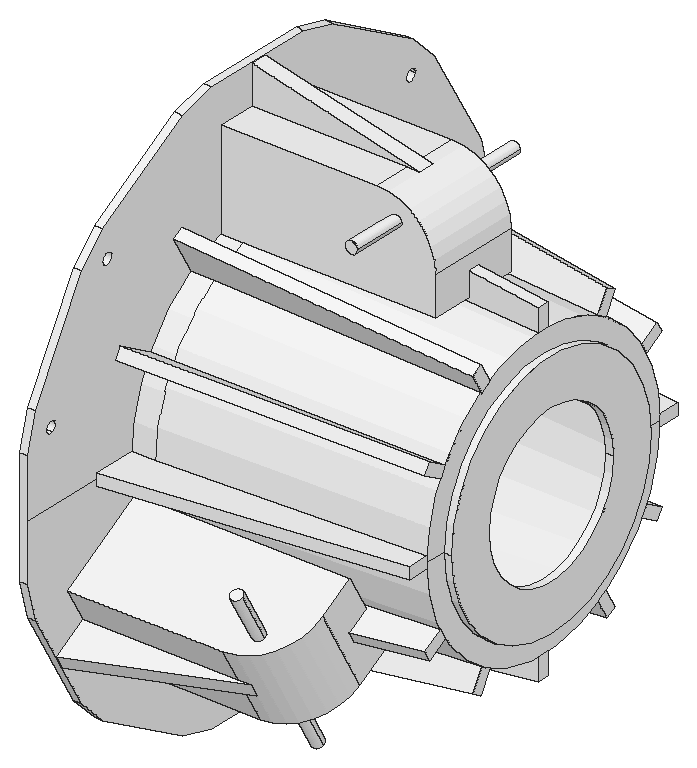
Revit family "L50-40FWS-RR", category Pipe Accessories, Revit 2016
Family settings
  Part Type = Breaks Into
  Round Connector Dimension = Use Diameter
  Work Plane-Based = No
  Always vertical = No
  Cut with Voids When Loaded = No
  Shared = No
Parameters
  URL = "http://www.snapcollars.com.au"
  Model = "L40S-RR"
  Manufacturer = "Snap Fire Systems"
  Description = "The L40S-RR is a high-top, cast-in fire collar for concrete slabs 150mm or thicker."
  Cut Depth Offset [instance] = -1 * (Cut Depth + 1 mm)  # -51 mm
  Cut Depth [instance] = 50 mm
Reference planes
  plane 1 "Center (Front/Back)": y = 0
  plane 2: z = 0
  plane 3 "Center (Left/Right)": x = 20
  plane 4: x = -9.391
  plane 5: x = 57.236
  plane 6: y = 90.593
  plane 7: y = -50
  plane 8: y = 100.593
  plane 9: y = -60
  plane 10: x = 37.557
  plane 11: x = 140.634
Forms (mm)
  Revolve 1, solid, material "PVC-White", detail levels medium+fine
    sketch origin (220.609, 0, 0) x (1, 0, 0) y (0, 1, 0)
      loop
        line (-155, -37.157) -> (-155, -31.807) -> (-222.776, -38.749) -> (-230, -38.749) -> (-230, -75) -> (-227.967, -75) -> (-227.967, -40.636) -> (-221.904, -40.636) -> (-155, -37.157)
      axis (-230, 0) -> (-155, 0)
    angle from 0 to 360
  Extrusion 2, void
    sketch origin (-7.359, 0, 0) x (0, 1, 0) y (0, 0, -1)
      loop
        line (-19.703, -73.533) -> (19.703, -73.533) -> (53.83, -53.83) -> (73.533, -19.703) -> (73.533, 19.703) -> (53.83, 53.83) -> (19.703, 73.533) -> (-19.703, 73.533) -> (-53.83, 53.83) -> (-73.533, 19.703) -> (-73.533, -19.703) -> (-53.83, -53.83) -> (-19.703, -73.533)
      loop
        circle (0, 0) r 84.908
    from 0 to 2.033
  Extrusion 3, solid, material "PVC-White", detail levels medium+fine
    sketch origin (220.609, 0, 0) x (1, 0, 0) y (0, 0, 1)
      loop
        line (-227.967, 63.668) -> (-227.967, 38.668) -> (-172.967, 38.668) -> (-172.967, 48.668)
        arc (-172.967, 48.668) -> (-177.361, 59.275) -> (-187.967, 63.668) r 15
        line (-187.967, 63.668) -> (-227.967, 63.668)
    from -12 to 12
  Extrusion 4, solid, material "PVC-White", detail levels fine
    sketch origin (220.609, 0, 0) x (1, 0, 0) y (0, 0, 1)
      loop
        line (-227.967, 73.533) -> (-227.967, 63.668) -> (-184.924, 63.668) -> (-227.967, 73.533)
    from -2 to 2
  Extrusion 5, solid, material "PVC-White", not visible, detail levels fine
    sketch origin (0, 0, 0) x (1, 0, 0) y (0, 0, 1)
      loop
        line (-80, 60.418) -> (-227.967, 86.048) -> (-227.967, 69.12) -> (-80, 60.418)
    from -1.5 to 1.5
  Extrusion 6, solid, material "PVC-White", not visible, detail levels fine
    sketch origin (0, 0, 0) x (1, 0, 0) y (0, -0.5, 0.866025)
      loop
        line (-80, 60.418) -> (-227.967, 86.048) -> (-227.967, 69.12) -> (-80, 60.418)
    from -1.5 to 1.5
  Extrusion 7, solid, material "PVC-White", not visible, detail levels fine
    sketch origin (0, 0, 0) x (1, 0, 0) y (0, -0.866025, 0.5)
      loop
        line (-80, 60.418) -> (-227.967, 86.048) -> (-227.967, 69.12) -> (-80, 60.418)
    from -1.5 to 1.5
  Extrusion 8, solid, material "PVC-White", not visible, detail levels fine
    sketch origin (0, 0, 0) x (0, -1, 0) y (-1, 0, 0)
      loop
        line (60.418, 80) -> (86.048, 227.967) -> (69.12, 227.967) -> (60.418, 80)
    from -1.5 to 1.5
  Extrusion 9, solid, material "PVC-White", not visible, detail levels fine
    sketch origin (0, 0, 0) x (1, 0, 0) y (0, -0.866025, -0.5)
      loop
        line (-80, 60.418) -> (-227.967, 86.048) -> (-227.967, 69.12) -> (-80, 60.418)
    from -1.5 to 1.5
  Extrusion 10, solid, material "PVC-White", not visible, detail levels fine
    sketch origin (0, 0, 0) x (1, 0, 0) y (0, -0.5, -0.866025)
      loop
        line (-80, 60.418) -> (-227.967, 86.048) -> (-227.967, 69.12) -> (-80, 60.418)
    from -1.5 to 1.5
  Extrusion 11, solid, material "PVC-White", not visible, detail levels fine
    sketch origin (0, 0, 0) x (1, 0, 0) y (0, 0, -1)
      loop
        line (-80, 60.418) -> (-227.967, 86.048) -> (-227.967, 69.12) -> (-80, 60.418)
    from -1.5 to 1.5
  Extrusion 12, solid, material "PVC-White", not visible, detail levels fine
    sketch origin (0, 0, 0) x (1, 0, 0) y (0, 0.5, -0.866025)
      loop
        line (-80, 60.418) -> (-227.967, 86.048) -> (-227.967, 69.12) -> (-80, 60.418)
    from -1.5 to 1.5
  Extrusion 13, solid, material "PVC-White", not visible, detail levels fine
    sketch origin (0, 0, 0) x (1, 0, 0) y (0, 0.866025, -0.5)
      loop
        line (-80, 60.418) -> (-227.967, 86.048) -> (-227.967, 69.12) -> (-80, 60.418)
    from -1.5 to 1.5
  Extrusion 14, solid, material "PVC-White", not visible, detail levels fine
    sketch origin (0, 0, 0) x (1, 0, 0) y (0, 1, 0)
      loop
        line (-80, 60.418) -> (-227.967, 86.048) -> (-227.967, 69.12) -> (-80, 60.418)
    from -1.5 to 1.5
  Extrusion 15, solid, material "PVC-White", not visible, detail levels fine
    sketch origin (0, 0, 0) x (1, 0, 0) y (0, 0.866025, 0.5)
      loop
        line (-80, 60.418) -> (-227.967, 86.048) -> (-227.967, 69.12) -> (-80, 60.418)
    from -1.5 to 1.5
  Extrusion 16, solid, material "PVC-White", not visible, detail levels fine
    sketch origin (0, 0, 0) x (1, 0, 0) y (0, 0.5, 0.866025)
      loop
        line (-80, 60.418) -> (-227.967, 86.048) -> (-227.967, 69.12) -> (-80, 60.418)
    from -1.5 to 1.5
  Extrusion 17, solid, material "PVC-White", detail levels fine
    sketch origin (194.71, 0, -22.494) x (1, 0, 0) y (0, 0, 1)
      loop
        circle (-157.362, 79.878) r 1.5
    from -26 to 26
  Extrusion 18, solid, material "PVC-White", detail levels fine
    sketch origin (220.609, 0, 0) x (1, 0, 0) y (0, 0, -1)
      loop
        line (-155, -42.849) -> (-155, -37.128) -> (-221.904, -40.606) -> (-227.967, -40.606) -> (-227.967, -51.95) -> (-155, -42.849)
    from -1.5 to 1.5
  Extrusion 19, solid, material "PVC-White", detail levels fine
    sketch origin (220.609, 0, 0) x (1, 0, 0) y (0, -0.5, -0.866025)
      loop
        line (-155, -42.849) -> (-155, -37.128) -> (-221.904, -40.606) -> (-227.967, -40.606) -> (-227.967, -51.95) -> (-155, -42.849)
    from -1.5 to 1.5
  Extrusion 20, solid, material "PVC-White", detail levels fine
    sketch origin (220.609, 0, 0) x (1, 0, 0) y (0, -0.866025, -0.5)
      loop
        line (-155, -42.849) -> (-155, -37.128) -> (-221.904, -40.606) -> (-227.967, -40.606) -> (-227.967, -51.95) -> (-155, -42.849)
    from -1.5 to 1.5
  Extrusion 21, solid, material "PVC-White", detail levels fine
    sketch origin (220.609, 0, 0) x (0, -1, 0) y (-1, 0, 0)
      loop
        line (-42.849, 155) -> (-37.128, 155) -> (-40.606, 221.904) -> (-40.606, 227.967) -> (-51.95, 227.967) -> (-42.849, 155)
    from -1.5 to 1.5
  Extrusion 22, solid, material "PVC-White", detail levels fine
    sketch origin (220.609, 0, 0) x (1, 0, 0) y (0, -0.866025, 0.5)
      loop
        line (-155, -42.849) -> (-155, -37.128) -> (-221.904, -40.606) -> (-227.967, -40.606) -> (-227.967, -51.95) -> (-155, -42.849)
    from -1.5 to 1.5
  Extrusion 23, solid, material "PVC-White", detail levels fine
    sketch origin (220.609, 0, 0) x (1, 0, 0) y (0, -0.5, 0.866025)
      loop
        line (-155, -42.849) -> (-155, -37.128) -> (-221.904, -40.606) -> (-227.967, -40.606) -> (-227.967, -51.95) -> (-155, -42.849)
    from -1.5 to 1.5
  Extrusion 24, solid, material "PVC-White", detail levels fine
    sketch origin (220.609, 0, 0) x (1, 0, 0) y (0, 0, 1)
      loop
        line (-155, -42.849) -> (-155, -37.128) -> (-221.904, -40.606) -> (-227.967, -40.606) -> (-227.967, -51.95) -> (-155, -42.849)
    from -1.5 to 1.5
  Extrusion 25, solid, material "PVC-White", detail levels fine
    sketch origin (220.609, 0, 0) x (1, 0, 0) y (0, 0.5, 0.866025)
      loop
        line (-155, -42.849) -> (-155, -37.128) -> (-221.904, -40.606) -> (-227.967, -40.606) -> (-227.967, -51.95) -> (-155, -42.849)
    from -1.5 to 1.5
  Extrusion 26, solid, material "PVC-White", detail levels fine
    sketch origin (220.609, 0, 0) x (1, 0, 0) y (0, 0.866025, 0.5)
      loop
        line (-155, -42.849) -> (-155, -37.128) -> (-221.904, -40.606) -> (-227.967, -40.606) -> (-227.967, -51.95) -> (-155, -42.849)
    from -1.5 to 1.5
  Extrusion 27, solid, material "PVC-White", detail levels fine
    sketch origin (220.609, 0, 0) x (1, 0, 0) y (0, 1, 0)
      loop
        line (-155, -42.849) -> (-155, -37.128) -> (-221.904, -40.606) -> (-227.967, -40.606) -> (-227.967, -51.95) -> (-155, -42.849)
    from -1.5 to 1.5
  Extrusion 28, solid, material "PVC-White", detail levels fine
    sketch origin (220.609, 0, 0) x (1, 0, 0) y (0, 0.866025, -0.5)
      loop
        line (-155, -42.849) -> (-155, -37.128) -> (-221.904, -40.606) -> (-227.967, -40.606) -> (-227.967, -51.95) -> (-155, -42.849)
    from -1.5 to 1.5
  Extrusion 29, solid, material "PVC-White", detail levels fine
    sketch origin (220.609, 0, 0) x (1, 0, 0) y (0, 0.5, -0.866025)
      loop
        line (-155, -42.849) -> (-155, -37.128) -> (-221.904, -40.606) -> (-227.967, -40.606) -> (-227.967, -51.95) -> (-155, -42.849)
    from -1.5 to 1.5
  Extrusion 30, solid, material "PVC-White", detail levels medium+fine
    sketch origin (220.609, 0, 0) x (1, 0, 0) y (0, 0.866025, -0.5)
      loop
        line (-227.967, 63.668) -> (-227.967, 38.668) -> (-172.967, 38.668) -> (-172.967, 48.668)
        arc (-172.967, 48.668) -> (-177.361, 59.275) -> (-187.967, 63.668) r 15
        line (-187.967, 63.668) -> (-227.967, 63.668)
    from -12 to 12
  Extrusion 31, solid, material "PVC-White", detail levels fine
    sketch origin (220.609, 0, 0) x (1, 0, 0) y (0, 0.866025, -0.5)
      loop
        line (-227.967, 73.533) -> (-227.967, 63.668) -> (-184.924, 63.668) -> (-227.967, 73.533)
    from -2 to 2
  Extrusion 32, solid, material "PVC-White", detail levels fine
    sketch origin (194.71, -19.481, 11.247) x (1, 0, 0) y (0, 0.866025, -0.5)
      loop
        circle (-157.362, 79.878) r 1.5
    from -26 to 26
  Extrusion 33, solid, material "PVC-White", detail levels medium+fine
    sketch origin (220.609, 0, 0) x (1, 0, 0) y (0, -0.866025, -0.5)
      loop
        line (-227.967, 63.668) -> (-227.967, 38.668) -> (-172.967, 38.668) -> (-172.967, 48.668)
        arc (-172.967, 48.668) -> (-177.361, 59.275) -> (-187.967, 63.668) r 15
        line (-187.967, 63.668) -> (-227.967, 63.668)
    from -12 to 12
  Extrusion 34, solid, material "PVC-White", detail levels fine
    sketch origin (220.609, 0, 0) x (1, 0, 0) y (0, -0.866025, -0.5)
      loop
        line (-227.967, 73.533) -> (-227.967, 63.668) -> (-184.924, 63.668) -> (-227.967, 73.533)
    from -2 to 2
  Extrusion 35, solid, material "PVC-White", detail levels fine
    sketch origin (194.71, 19.481, 11.247) x (1, 0, 0) y (0, -0.866025, -0.5)
      loop
        circle (-157.362, 79.878) r 1.5
    from -26 to 26
  Extrusion 36, void
    sketch origin (-7.359, 0, 0) x (0, -1, 0) y (0, 0, -1)
      loop
        circle (-48.826, -48.292) r 1.5
      loop
        circle (-66.43, -17.409) r 1.5
      loop
        circle (66.235, -18.139) r 1.5
      loop
        circle (48.292, -48.826) r 1.5
    from 0 to -2.033
  Extrusion 37, solid, material "PVC-White"
    sketch origin (65.609, 0, 0) x (0, -1, 0) y (0, 0, -1)
      loop
        circle (0, 0) r 20
      loop
        circle (0, 0) r 31.807
    from 0 to 2
Cuts and joins
  Extrusion 2, Extrusion 36 cuts Revolve 1
Dimensions and locks
  Extrusion 5 sketch curve to Extrusion 5 sketch curve = 0 mm
  Extrusion 6 sketch curve to Extrusion 6 sketch curve = 0 mm
  Extrusion 7 sketch curve to Extrusion 7 sketch curve = 0 mm
  Extrusion 8 sketch curve to Extrusion 8 sketch curve = 0 mm
  Extrusion 9 sketch curve to Extrusion 9 sketch curve = 0 mm
  Extrusion 10 sketch curve to Extrusion 10 sketch curve = 0 mm
  Extrusion 11 sketch curve to Extrusion 11 sketch curve = 0 mm
  Extrusion 12 sketch curve to Extrusion 12 sketch curve = 0 mm
  Extrusion 13 sketch curve to Extrusion 13 sketch curve = 0 mm
  Extrusion 14 sketch curve to Extrusion 14 sketch curve = 0 mm
  Extrusion 15 sketch curve to Extrusion 15 sketch curve = 0 mm
  Extrusion 16 sketch curve to Extrusion 16 sketch curve = 0 mm
  aligned and locked: level to plane 2
  aligned and locked: plane 1 "Center (Front/Back)" to Revolve 1 sketch curve
Connectors
  piping at (37.557, 0, 0), diameter 40
    settings: on plane 10, index 4, connector inside diameter 609.6 mm, connector length 0 mm, flow factor 0, pipe flow 0.0 L/s, pressure drop 0.0 Pa, fitting loss kfactor 0, connector angle 0.00°, fixture units 0, engagement length 0 mm, angle of deflection 0.00°, flow configuration 0, flow direction 0, fitting loss method 0, system type 7, joint type 0, gender type 0, connector reference index -1, connector utility 0, adjustable connector no, is connector primary yes, connector description ""
  piping at (37.557, 0, -0.118), diameter 40
    settings: on plane 10, index 5, connector inside diameter 609.6 mm, connector length 0 mm, flow factor 0, pipe flow 0.0 L/s, pressure drop 0.0 Pa, fitting loss kfactor 0, connector angle 0.00°, fixture units 0, engagement length 0 mm, angle of deflection 0.00°, flow configuration 0, flow direction 0, fitting loss method 0, system type 7, joint type 0, gender type 0, connector reference index -1, connector utility 0, adjustable connector no, is connector primary no, connector description ""
